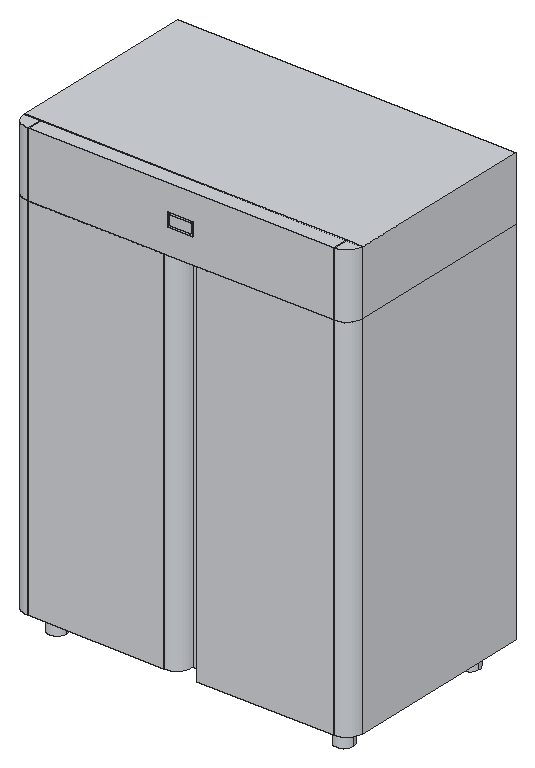
Revit family "Холодильные шкафы с металлическими дверьми", category Оборудование, Revit 2020
Family settings
  Размер круглого соединителя = Использовать диаметр
  Классификация = Нет
  Тип детали = Нормальный
  На основе рабочей плоскости = Нет
  Всегда вертикально = Да
  При загрузке вырезать с полостями = Нет
  Общий = Нет
  Точка расчета площади = Нет
Parameters (values of type "CB114-Sm")
  Панель Sm = yes
  Ширина = 1474 mm
  Цена, руб. = "101 900"
  Холодильный шкаф = none
  Тип охлаждения = "динамический"
  Условия окр. среды (темп./влажн.) = "до +40/до 80"
  Тип оттайки = "авт., при помощи ТЭНов, с системой исп. конденсата"
  Терморегулятор = "эл. блок"
  Система электропитания, В/Гц = "230/50"
  Размер полки, мм = "530х650"
  Расход электроэнергии за сутки, кВт/ч = "20.5"
  Расположение агрегата = "верхнее"
  Размеры в упаковке, мм = "1550x988x2160"
  Хладагент = "R404А"
  Потребляемая мощность, Вт = "800/1200"
  Подсветка = "+"
  Педаль = "+"
  Панель S = no
  Отметка по умолчанию = 0 mm
  Объем, л = "1400"
  Колесные опоры = "опция"
  Кол-во полок = "4"
  Микропереключатель = "клавишный"
  Материал обшивок корпуса = "сталь с полимерным покрытием"
  Корпус = "цельнозаливной"
  Клапан Шредера = "+"
  Замок = "+"
  Допустимая нагрузка на полку, кг = "40"
  Диап. рабочих темп. = "не выше -18"
  Глубина = 960 mm
  Габаритные размеры, мм = "1474*960*1996"
  Высота = 1996 mm
  Вес нетто/брутто, кг = "212/242"
  2 дверь Sm (шир) = yes
  2 дверь Sm = no
  2 дверь S = no
  2  дверь S (шир) = no
  1 дверь Sm (шир) = yes
  1 дверь Sm = no
  1 дверь S (шир) = no
  1 дверь S = no
Types (24, lengths in mm): name | Панель Sm | Ширина | Цена, руб. | Тип оттайки | Размер полки, мм | Расход электроэнергии за сутки, кВт/ч | Размеры в упаковке, мм | Хладагент | Потребляемая мощность, Вт | Педаль | Панель S | Объем, л | Кол-во полок | Микропереключатель | Материал обшивок корпуса | Корпус | Диап. рабочих темп. | Глубина | Габаритные размеры, мм | Высота | Вес нетто/брутто, кг | 2 дверь Sm (шир) | 2 дверь Sm | 2 дверь S | 2  дверь S (шир) | 1 дверь Sm (шир) | 1 дверь Sm | 1 дверь S (шир) | 1 дверь S
  (no name) | yes | 1474 | "101 900" | "авт., при помощи ТЭНов, с системой исп. конденсата" | "530х650" | "20.5" | "1550x988x2160" | "R404А" | "800/1200" | "+" | no | "1400" | "4" | "клавишный" | "сталь с полимерным покрытием" | "цельнозаливной" | "не выше -18" | 960 | "1474*960*1996" | 1996 | "212/242" | yes | no | no | no | yes | no | no | no
  CM105-Sm | yes | 697 | "47 000" | "авт. с системой исп. конденсата" | "595х455" | "3,5" | "790x744x2125" | "R134a" | "350" | "+" | no | "500" | "4" | "клавишный" | "сталь с полимерным покрытием" | "цельнозаливной" | "0....+6" | 695 | "697*695*1960" | 1960 | "95/114" | no | no | no | no | no | yes | no | no
  CM107-Sm | yes | 697 | "50 500" | "авт. с системой исп. конденсата" | "530х650" | "3,5" | "790x988x2125" | "R134a" | "350" | "+" | no | "700" | "4" | "клавишный" | "сталь с полимерным покрытием" | "цельнозаливной" | "0....+6" | 925 | "697*925*1960" | 1960 | "112/137" | no | no | no | no | no | yes | no | no
  CV105-Sm | yes | 697 | "58 580" | "авт., при помощи ТЭНов, с системой исп. конденсата" | "595х455" | "4" | "790x744x2125" | "R134a" | "400" | "+" | no | "500" | "4" | "клавишный" | "сталь с полимерным покрытием" | "цельнозаливной" | "-5....+5" | 695 | "697*695*1960" | 1960 | "95/114" | no | no | no | no | no | yes | no | no
  CV107-Sm | yes | 697 | "62 620" | "авт., при помощи ТЭНов, с системой исп. конденсата" | "530х650" | "4,5" | "790x988x2125" | "R134a" | "400" | "+" | no | "700" | "4" | "клавишный" | "сталь с полимерным покрытием" | "цельнозаливной" | "-5....+5" | 925 | "697*925*1960" | 1960 | "112/137" | no | no | no | no | no | yes | no | no
  CB105-Sm | yes | 697 | "65 650" | "авт., при помощи ТЭНов, с системой исп. конденсата" | "595х455" | "12" | "790x988x2125" | "R404А" | "550/400" | "+" | no | "500" | "4" | "клавишный" | "сталь с полимерным покрытием" | "цельнозаливной" | "не выше -18" | 695 | "697*695*1960" | 1960 | "125/149" | no | no | no | no | no | yes | no | no
  CB107-Sm | yes | 735 | "72 270" | "авт., при помощи ТЭНов, с системой исп. конденсата" | "530х650" | "12" | "790x988x2125" | "R404А" | "550/400" | "+" | no | "700" | "4" | "клавишный" | "сталь с полимерным покрытием" | "цельнозаливной" | "не выше -18" | 960 | "735*960*1996" | 1996 | "125/149" | no | no | no | no | yes | no | no | no
  CM110-Sm | yes | 1402 | "65 600" | "авт. с системой исп. конденсата" | "595х455" | "5.5" | "1490x744x2125" | "R134a" | "550" | "+" | no | "1000" | "8" | "клавишный" | "сталь с полимерным покрытием" | "цельнозаливной" | "0....+6" | 695 | "1402*695*1960" | 1960 | "155/182" | no | yes | no | no | no | yes | no | no
  CM114-Sm | yes | 1402 | "71 700" | "авт. с системой исп. конденсата" | "530х650" | "6" | "1490x988x2125" | "R134a" | "550" | "+" | no | "1400" | "8" | "клавишный" | "сталь с полимерным покрытием" | "цельнозаливной" | "0....+6" | 925 | "1402*925*1960" | 1960 | "184/214" | no | yes | no | no | no | yes | no | no
  CV110-Sm | yes | 1402 | "76 600" | "авт., при помощи ТЭНов, с системой исп. конденсата" | "595х455" | "6" | "1490x988x2125" | "R134a" | "630" | "+" | no | "1000" | "8" | "клавишный" | "сталь с полимерным покрытием" | "цельнозаливной" | "-5....+5" | 695 | "1402*695*1960" | 1960 | "155/182" | no | yes | no | no | no | yes | no | no
  CV114-Sm | yes | 1402 | "84 990" | "авт., при помощи ТЭНов, с системой исп. конденсата" | "530х650" | "6.5" | "1490x988x2125" | "R134a" | "630" | "+" | no | "1400" | "8" | "клавишный" | "сталь с полимерным покрытием" | "цельнозаливной" | "-5....+5" | 925 | "1402*925*1960" | 1960 | "184/214" | no | yes | no | no | no | yes | no | no
  CM105-S | no | 697 | "41 400" | "авт., при помощи ТЭНов, с системой исп. конденсата" | "595х455" | "3,5" | "790x744x2125" | "R134a" | "350" | "+" | yes | "500" | "4" | "-" | "-" | "-" | "0....+6" | 695 | "697*695*1960" | 1960 | "95/114" | no | no | no | no | no | no | no | yes
  CM107-S | no | 697 | "45 000" | "авт. с системой исп. конденсата" | "530х650" | "4" | "790x988x2125" | "R134a" | "350" | "-" | yes | "700" | "4" | "-" | "-" | "цельнозаливной" | "0....+6" | 925 | "697*925*1960" | 1960 | "112/137" | no | no | no | no | no | no | no | yes
  CM110-S | no | 1402 | "65 600" | "авт. с системой исп. конденсата" | "595х455" | "5.5" | "1490x744x2125" | "R134a" | "550" | "+" | yes | "1000" | "8" | "клавишный" | "сталь с полимерным покрытием" | "цельнозаливной" | "0....+6" | 695 | "1402*695*1960" | 1960 | "155/182" | no | no | yes | no | no | no | no | yes
  CB114-Sm | yes | 1474 | "101 900" | "авт., при помощи ТЭНов, с системой исп. конденсата" | "530х650" | "20.5" | "1550x988x2160" | "R404А" | "800/1200" | "+" | no | "1400" | "4" | "клавишный" | "сталь с полимерным покрытием" | "цельнозаливной" | "не выше -18" | 960 | "1474*960*1996" | 1996 | "212/242" | yes | no | no | no | yes | no | no | no
  CB107-S | no | 735 | "62 800" | "авт., при помощи ТЭНов, с системой исп. конденсата" | "530х650" | "12" | "850x988x2160" | "R134a" | "550/400" | "-" | yes | "700" | "4" | "-" | "-" | "цельнозаливной" | "не выше -18" | 960 | "735*960*1996" | 1996 | "125/149" | no | no | no | no | no | no | yes | no
  CV105-S | no | 697 | "52 200" | "авт. с системой исп. конденсата" | "595х455" | "4" | "790x744x2125" | "R134a" | "400" | "+" | yes | "500" | "4" | "клавишный" | "сталь с полимерным покрытием" | "цельнозаливной" | "-5....+5" | 695 | "697*695*1960" | 1960 | "96/115" | no | no | no | no | no | no | no | yes
  CV107-S | no | 697 | "56 000" | "авт., при помощи ТЭНов, с системой исп. конденсата" | "530х650" | "4,5" | "790x988x2125" | "R134a" | "400" | "+" | yes | "700" | "4" | "клавишный" | "сталь с полимерным покрытием" | "цельнозаливной" | "-5....+5" | 925 | "697*925*1960" | 1960 | "113/138" | no | no | no | no | no | no | no | yes
  CV110-S | no | 1402 | "68 800" | "авт., при помощи ТЭНов, с системой исп. конденсата" | "595х455" | "6" | "1490x988x2125" | "R134a" | "630" | "+" | yes | "1000" | "8" | "клавишный" | "сталь с полимерным покрытием" | "цельнозаливной" | "-5....+5" | 695 | "1402*695*1960" | 1960 | "155/184" | no | no | yes | no | no | no | no | yes
  CV114-S | no | 1402 | "75 200" | "авт. с системой исп. конденсата" | "530х650" | "6.5" | "1490x988x2125" | "R134a" | "630" | "+" | yes | "1400" | "8" | "клавишный" | "сталь с полимерным покрытием" | "цельнозаливной" | "-5....+5" | 925 | "1402*925*1960" | 1960 | "184/214" | no | no | yes | no | no | no | no | yes
  CB114-S | no | 1474 | "90 900" | "авт., при помощи ТЭНов, с системой исп. конденсата" | "530х650" | "20.5" | "1550x988x2160" | "R404А" | "800/1200" | "+" | yes | "1400" | "4" | "клавишный" | "сталь с полимерным покрытием" | "цельнозаливной" | "не выше -18" | 960 | "1474*960*1996" | 1996 | "212/242" | no | no | no | yes | no | no | yes | no
  СС214-S | no | 1402 | "94 400" | "авт., при помощи ТЭНов (в низкотемпературном отделении) с системой исп. конденсата" | "530х650" | "14,5" | "1490x988x2125" | "R134a" | "900" | "+" | yes | "700+700" | "8" | "клавишный" | "сталь с полимерным покрытием" | "цельнозаливной" | "0....+6/не выше -18" | 925 | "1402*925*1960" | 1960 | "214/244" | no | no | yes | no | no | no | no | yes
  CM114-S | no | 1402 | "63 990" | "авт. с системой исп. конденсата" | "530х650" | "6" | "1490x988x2125" | "R134a" | "550" | "+" | yes | "1400" | "8" | "клавишный" | "сталь с полимерным покрытием" | "цельнозаливной" | "0....+6" | 925 | "1402*925*1960" | 1960 | "184/214" | no | no | yes | no | no | no | no | yes
  CB105-S | no | 697 | "56 300" | "авт., при помощи ТЭНов, с системой исп. конденсата" | "595х455" | "12" | "790x744x2125" | "R404А" | "550/400" | "+" | yes | "500" | "4" | "клавишный" | "сталь с полимерным покрытием" | "цельнозаливной" | "не выше -18" | 695 | "697*695*1960" | 1960 | "102/121" | no | no | no | no | no | no | no | yes
Reference planes
  plane 1 "По центру (Вперед/Назад)": y = 0
  plane 2: z = 0
  plane 3 "По центру (Влево/Вправо)": x = 0
  plane 4: x = -737
  plane 5: x = 737
  plane 6: y = -960
  plane 7: y = -890
  plane 8: x = 110
  plane 9: x = 667
  plane 10: z = 1996
  plane 11: x = 40
  plane 12: z = 92
  plane 13: z = 1714
  plane 14: y = -55
  plane 15: x = -667
  plane 16: x = -627
  plane 17: x = 627
  plane 18: y = -850
  plane 19: y = -165
  plane 20: x = -55
  plane 21: x = 55
  plane 22: z = 1885
  plane 23: z = 1825
  plane 24: x = -75
  plane 25: x = 75
  plane 26: z = 1805
  plane 27: z = 1905
  plane 28: z = 1855
  plane 29: x = 187
  plane 30: x = 687
  plane 31: z = 921
  plane 32: z = 885
  plane 33: x = 737
  plane 34: x = 2
  plane 35: x = -2
  plane 36: x = -737
  plane 37: z = 885
  plane 38: x = 737
  plane 39: z = 885
  plane 40: x = -737
Forms (mm)
  Extrusion 1, solid, material <- "Холодильный шкаф", visible <- "1 дверь Sm"
    sketch origin (0, 0, 0) x (1, 0, 0) y (0, 1, 0)
      loop
        line (110, -890) -> (110, -960) -> (667, -960) -> (667, -890) -> (110, -890)
    from 92 to 1714
  Extrusion 2, solid, material <- "Холодильный шкаф"
    sketch origin (0, 0, 0) x (1, 0, 0) y (0, 1, 0)
      loop
        line (-737, -55) -> (-737, -890) -> (737, -890) -> (737, -55) -> (-737, -55)
    from 92 to 1714
  Extrusion 3, solid, material <- "Холодильный шкаф", visible <- "Панель Sm"
    sketch origin (0, 0, 0) x (1, 0, 0) y (0, 1, 0)
      loop
        line (-667, -890) -> (-667, -960) -> (667, -960) -> (667, -890) -> (-667, -890)
    from 1714 to 1996
  Extrusion 4, solid, material <- "Холодильный шкаф", visible <- "Панель Sm"
    sketch origin (0, 0, 0) x (1, 0, 0) y (0, 1, 0)
      loop
        arc (-737, -890) -> (-716.497, -939.497) -> (-667, -960) r 70
        line (-667, -960) -> (-667, -890) -> (-737, -890)
    from 1714 to 1996
  Extrusion 5, solid, material <- "Холодильный шкаф", visible <- "Панель Sm"
    sketch origin (0, 0, 0) x (1, 0, 0) y (0, 1, 0)
      loop
        line (667, -890) -> (667, -960)
        arc (667, -960) -> (716.497, -939.497) -> (737, -890) r 70
        line (737, -890) -> (667, -890)
    from 1714 to 1996
  Extrusion 6, solid, material <- "Холодильный шкаф", visible <- "1 дверь Sm"
    sketch origin (0, 0, 0) x (1, 0, 0) y (0, 1, 0)
      loop
        line (667, -890) -> (667, -960)
        arc (667, -960) -> (716.497, -939.497) -> (737, -890) r 70
        line (737, -890) -> (667, -890)
    from 92 to 1714
  Extrusion 7, solid, material <- "Холодильный шкаф", visible <- "1 дверь Sm"
    sketch origin (800, 0, 0) x (1, 0, 0) y (0, 1, 0)
      loop
        arc (-760, -890) -> (-739.497, -939.497) -> (-690, -960) r 70
        line (-690, -960) -> (-690, -890) -> (-760, -890)
    from 92 to 1714
  Extrusion 8, solid, material <- "Холодильный шкаф"
    sketch origin (0, 0, 0) x (1, 0, 0) y (0, 1, 0)
      loop
        circle (-627, -165) r 40
    from 0 to 92
  Extrusion 9, solid, material <- "Холодильный шкаф"
    sketch origin (0, 0, 0) x (1, 0, 0) y (0, 1, 0)
      loop
        circle (-627, -850) r 40
    from 0 to 92
  Extrusion 10, solid, material <- "Холодильный шкаф"
    sketch origin (0, 0, 0) x (1, 0, 0) y (0, 1, 0)
      loop
        circle (627, -165) r 40
    from 0 to 92
  Extrusion 11, solid, material <- "Холодильный шкаф"
    sketch origin (0, 0, 0) x (1, 0, 0) y (0, 1, 0)
      loop
        circle (627, -850) r 40
    from 0 to 92
  Extrusion 12, solid, visible <- "Панель Sm", detail levels fine
    sketch origin (0, 0, 0) x (1, 0, 0) y (0, 0, 1)
      loop
        line (-55, 1885) -> (-55, 1825) -> (55, 1825) -> (55, 1885) -> (-55, 1885)
    from 960 to 961.447
  Extrusion 13, solid, material <- "Холодильный шкаф"
    sketch origin (1.462, 0, 0) x (1, 0, 0) y (0, 1, 0)
      loop
        line (185.538, 0) -> (185.538, -55) -> (685.538, -55) -> (685.538, 0) -> (185.538, 0)
    from 1214.132 to 1714
  Extrusion 14, void, detail levels fine
    sketch origin (0, 0, 5.622) x (1, 0, 0) y (0, 0, 1)
      loop
        line (-50, 1874.378) -> (-50, 1824.378) -> (50, 1824.378) -> (50, 1874.378) -> (-50, 1874.378)
    from 961.447 to 960
  Extrusion 15, solid, material <- "Холодильный шкаф"
    sketch origin (0, 0, 0) x (1, 0, 0) y (0, 1, 0)
      loop
        line (-737, -55) -> (-737, -890) -> (737, -890) -> (737, -55) -> (-737, -55)
    from 1714 to 1996
  Extrusion 16, solid, material <- "Холодильный шкаф", visible <- "2 дверь Sm"
    sketch origin (-705, 0, 0) x (1, 0, 0) y (0, 1, 0)
      loop
        line (38, -890) -> (38, -960) -> (631, -960) -> (631, -890) -> (38, -890)
    from 92 to 1678
  Extrusion 17, solid, material <- "Холодильный шкаф", visible <- "2 дверь Sm"
    sketch origin (-705, 0, 0) x (1, 0, 0) y (0, 1, 0)
      loop
        line (631, -890) -> (631, -960)
        arc (631, -960) -> (680.497, -939.497) -> (701, -890) r 70
        line (701, -890) -> (631, -890)
    from 92 to 1678
  Extrusion 18, solid, material <- "Холодильный шкаф", visible <- "Панель S"
    sketch origin (0, 0, 0) x (0, 1, 0) y (0, 0, 1)
      loop
        line (-960, 1996) -> (-960, 1936) -> (-930, 1936) -> (-930, 1774) -> (-960, 1774) -> (-960, 1714) -> (-890, 1714) -> (-890, 1996) -> (-960, 1996)
    from -737 to 737
  Extrusion 19, solid, material <- "Холодильный шкаф", visible <- "Панель S", detail levels fine
    sketch origin (-1.686, 0, 0) x (1, 0, 0) y (0, 0, 1)
      loop
        line (428.686, 1885) -> (428.686, 1815) -> (698.686, 1815) -> (698.686, 1885) -> (428.686, 1885)
    from 930 to 932.19
  Extrusion 20, solid, material <- "Холодильный шкаф", visible <- "1 дверь S"
    sketch origin (0, 0, 0) x (1, 0, 0) y (0, 0, 1)
      loop
        line (737, 1714) -> (36, 1714) -> (36, 92) -> (737, 92) -> (737, 1714)
    from 890 to 960
  Extrusion 21, solid, material <- "Холодильный шкаф", visible <- "1 дверь S", detail levels medium+fine
    sketch origin (0, 0, 0) x (1, 0, 0) y (0, 0, 1)
      loop
        line (36, 1171) -> (36, 671) -> (81, 671) -> (81, 1171) -> (36, 1171)
    from 960 to 989.587
  Extrusion 22, solid, visible <- "2 дверь S"
    sketch origin (0, 0, 0) x (-1, 0, 0) y (0, 0, -1)
      loop
        line (737, -1714) -> (737, -92) -> (0, -92) -> (0, -1714) -> (737, -1714)
    from 890 to 960
  Extrusion 23, solid, material <- "Холодильный шкаф", visible <- "2 дверь S", detail levels medium+fine
    sketch origin (0, 0, 0) x (-1, 0, 0) y (0, 0, -1)
      loop
        line (0, -1135) -> (45, -1135) -> (45, -635) -> (0, -635) -> (0, -1135)
    from 960 to 989.587
  Extrusion 24, solid, material <- "Холодильный шкаф", visible <- "2 дверь Sm (шир)"
    sketch origin (-1453, 0, 0) x (1, 0, 0) y (0, 1, 0)
      loop
        line (786, -890) -> (786, -960) -> (1381, -960) -> (1381, -890) -> (786, -890)
    from 92 to 1714
  Extrusion 25, solid, material <- "Холодильный шкаф", visible <- "2 дверь Sm (шир)"
    sketch origin (-489.5, 0, 0) x (1, 0, 0) y (0, 1, 0)
      loop
        line (417.5, -890) -> (417.5, -960)
        arc (417.5, -960) -> (466.997, -939.497) -> (487.5, -890) r 70
        line (487.5, -890) -> (417.5, -890)
    from 92 to 1714
  Extrusion 26, solid, material <- "Холодильный шкаф", visible <- "2 дверь Sm (шир)"
    sketch origin (-527.5, 0, 0) x (1, 0, 0) y (0, 1, 0)
      loop
        arc (-209.5, -890) -> (-188.997, -939.497) -> (-139.5, -960) r 70
        line (-139.5, -960) -> (-139.5, -890) -> (-209.5, -890)
    from 92 to 1714
  Extrusion 27, solid, material <- "Холодильный шкаф", visible <- "1 дверь S (шир)"
    sketch origin (900, 0, 0) x (1, 0, 0) y (0, 0, 1)
      loop
        line (-163, 1714) -> (-898, 1714) -> (-898, 92) -> (-163, 92) -> (-163, 1714)
    from 890 to 960
  Extrusion 28, solid, material <- "Холодильный шкаф", visible <- "1 дверь S (шир)", detail levels medium+fine
    sketch origin (900, 0, 0) x (1, 0, 0) y (0, 0, 1)
      loop
        line (-898, 1135) -> (-898, 635) -> (-853, 635) -> (-853, 1135) -> (-898, 1135)
    from 960 to 989.587
  Extrusion 29, solid, visible <- "2  дверь S (шир)"
    sketch origin (-900, 0, 0) x (-1, 0, 0) y (0, 0, -1)
      loop
        line (-163, -1714) -> (-163, -92) -> (-898, -92) -> (-898, -1714) -> (-163, -1714)
    from 890 to 960
  Extrusion 30, solid, material <- "Холодильный шкаф", visible <- "2  дверь S (шир)", detail levels medium+fine
    sketch origin (-900, 0, 0) x (-1, 0, 0) y (0, 0, -1)
      loop
        line (-898, -1135) -> (-853, -1135) -> (-853, -635) -> (-898, -635) -> (-898, -1135)
    from 960 to 989.587
  Extrusion 31, solid, material <- "Холодильный шкаф", visible <- "2 дверь Sm"
    sketch origin (-253.053, 0, 0) x (1, 0, 0) y (0, 1, 0)
      loop
        arc (-483.947, -890) -> (-463.445, -939.497) -> (-413.947, -960) r 70
        line (-413.947, -960) -> (-413.947, -890) -> (-483.947, -890)
    from 92 to 1678
  Extrusion 32, solid, material <- "Холодильный шкаф", visible <- "1 дверь Sm (шир)"
    sketch origin (-834, 0, 0) x (1, 0, 0) y (0, 1, 0)
      loop
        line (906, -890) -> (906, -960) -> (1501, -960) -> (1501, -890) -> (906, -890)
    from 92 to 1714
  Extrusion 33, solid, material <- "Холодильный шкаф", visible <- "1 дверь Sm (шир)"
    sketch origin (249.5, 0, 0) x (1, 0, 0) y (0, 1, 0)
      loop
        line (417.5, -890) -> (417.5, -960)
        arc (417.5, -960) -> (466.997, -939.497) -> (487.5, -890) r 70
        line (487.5, -890) -> (417.5, -890)
    from 92 to 1714
  Extrusion 34, solid, material <- "Холодильный шкаф", visible <- "1 дверь Sm (шир)"
    sketch origin (91.5, 0, 0) x (1, 0, 0) y (0, 1, 0)
      loop
        arc (535.5, -890) -> (372.944, -497.556) -> (-19.5, -335) r 555
        line (-19.5, -335) -> (-19.5, -890) -> (535.5, -890)
    from 92 to 1714
Cuts and joins
  Extrusion 14 cuts Extrusion 12
Dimensions and locks
  "Глубина": plane 6 to plane 1 "По центру (Вперед/Назад)"
  "Ширина": plane 4 to plane 5
  equal spacing: plane 4, plane 3 "По центру (Влево/Вправо)", plane 5
  locked: plane 7 to plane 6 at 70
  "Высота": plane 10 to plane 2
  plane 9 to plane 5 = 70 mm  (x2)
  locked: plane 11 to plane 8 at 70
  locked: plane 8 to plane 9 at 557
  plane 14 to plane 6 = 905 mm
  locked: plane 1 "По центру (Вперед/Назад)" to plane 14 at 55
  locked: plane 4 to plane 15 at 70
  locked: plane 16 to plane 4 at 110
  locked: plane 5 to plane 17 at 110
  locked: plane 14 to plane 19 at 110
  locked: plane 18 to plane 7 at 40
  locked: plane 12 to plane 2 at 92
  plane 13 to plane 12 = 1622 mm
  locked: plane 10 to plane 13 at 282
  locked: plane 21 to plane 20 at 110
  equal spacing: plane 21, plane 3 "По центру (Влево/Вправо)", plane 20
  locked: plane 22 to plane 23 at 60
  locked: plane 23 to plane 13 at 111
  locked: Extrusion 12 to Extrusion 12 at 1.447
  equal spacing: plane 25, plane 3 "По центру (Влево/Вправо)", plane 24
  equal spacing: plane 10, plane 28, plane 13
  locked: plane 27 to plane 28 at 50
  locked: plane 28 to plane 26 at 50
  locked: plane 13 to Extrusion 13 at 499.868
  locked: Extrusion 12 to Extrusion 14 at 5  (x3)
  locked: Extrusion 14 to Extrusion 12 at 5
  locked: plane 30 to plane 5 at 50
  locked: plane 29 to plane 30 at 500
  locked: Extrusion 18 to Extrusion 18 at 30
  Extrusion 5 to Extrusion 18 to Extrusion 18 to plane 13 = 60 mm locked, 162 mm locked, 60 mm locked
  Extrusion 19 to Extrusion 19 to plane 5 = 270 mm locked, 40 mm locked
  locked: Extrusion 19 to Extrusion 18 at 2.19
  locked: plane 5 to Extrusion 20 at 701
  plane 13 to plane 31 to plane 12 = 793 mm, 829 mm
  equal spacing: Extrusion 21 sketch curve, plane 31, Extrusion 21 sketch curve, locked at 250 each
  locked: plane 6 to Extrusion 21 at 29.587
  equal spacing: Extrusion 23 sketch curve, plane 32, Extrusion 23 sketch curve, locked at 250 each
  locked: Extrusion 21 to Extrusion 21 at 45
  locked: Extrusion 23 to Extrusion 23 at 45
  locked: plane 33 to plane 34 at 735
  plane 33 to plane 34 = 735 mm
  locked: plane 35 to plane 36 at 735
  plane 35 to Extrusion 25 to Extrusion 26 to plane 36 = 70 mm locked, 595 mm, 70 mm locked
  equal spacing: Extrusion 28 sketch curve, plane 37, Extrusion 28 sketch curve, locked at 250 each
  locked: Extrusion 28 to Extrusion 28 at 45  (x2)
  locked: Extrusion 27 to Extrusion 27 at 735
  equal spacing: Extrusion 30 sketch curve, plane 39, Extrusion 30 sketch curve, locked at 250 each
  locked: Extrusion 30 to Extrusion 30 at 45  (x2)
  locked: Extrusion 29 to Extrusion 29 at 735
  locked: Extrusion 29 to Extrusion 29 at 70
  locked: Extrusion 27 to Extrusion 27 at 70
  locked: Extrusion 28 to Extrusion 27 at 29.587
  locked: Extrusion 30 to Extrusion 30 at 29.587
  locked: Extrusion 22 to Extrusion 22 at 70
  locked: Extrusion 23 to Extrusion 23 at 29.587
  locked: Extrusion 7 to Extrusion 7 at 70
  locked: Extrusion 34 to Extrusion 33 at 595
  Extrusion 34 to Extrusion 34 = 555 mm
  locked: Extrusion 33 to Extrusion 33 at 70
  radius of Extrusion 11 sketch curve = 40 mm
  aligned and locked: level to plane 2
  aligned and locked: plane 6 to Extrusion 1 sketch curve
  aligned and locked: Extrusion 1 sketch curve to plane 9
  aligned and locked: Extrusion 1 to plane 8
  aligned and locked: Extrusion 2 sketch curve to plane 14
  aligned and locked: Extrusion 2 sketch curve to plane 4
  aligned and locked: plane 7 to Extrusion 2 sketch curve
  aligned and locked: Extrusion 2 sketch curve to plane 5
  aligned and locked: Extrusion 2 to plane 12
  aligned and locked: plane 13 to Extrusion 1
  aligned and locked: Extrusion 3 sketch curve to plane 7
  aligned and locked: plane 15 to Extrusion 3 sketch curve
  aligned and locked: Extrusion 3 sketch curve to Extrusion 1  (x2)
  aligned and locked: plane 10 to Extrusion 3
  aligned and locked: Extrusion 3 to plane 13
  aligned and locked: plane 10 to Extrusion 4
  aligned and locked: Extrusion 4 to plane 13
  aligned and locked: plane 9 to Extrusion 5 sketch curve
  aligned and locked: Extrusion 5 sketch curve to plane 7
  aligned and locked: plane 10 to Extrusion 5
  aligned and locked: plane 9 to Extrusion 6 sketch curve
  aligned and locked: Extrusion 6 sketch curve to plane 7
  aligned and locked: plane 13 to Extrusion 6
  aligned and locked: Extrusion 6 to plane 12
  aligned and locked: Extrusion 4 sketch curve to plane 7
  aligned and locked: Extrusion 4 sketch curve to plane 15
  aligned and locked: Extrusion 7 sketch curve to plane 7
  aligned and locked: Extrusion 7 to plane 12
  aligned and locked: plane 13 to Extrusion 7
  aligned and locked: plane 12 to Extrusion 9
  aligned and locked: Extrusion 9 to plane 2
  aligned and locked: plane 12 to Extrusion 8
  aligned and locked: plane 12 to Extrusion 11
  aligned and locked: plane 12 to Extrusion 10
  aligned and locked: Extrusion 11 to plane 2
  aligned and locked: Extrusion 10 to plane 2
  aligned and locked: Extrusion 5 to plane 10
  aligned and locked: Extrusion 5 to plane 13
  aligned and locked: Extrusion 12 sketch curve to plane 22
  aligned and locked: plane 20 to Extrusion 12 sketch curve
  aligned and locked: plane 23 to Extrusion 12 sketch curve
  aligned and locked: Extrusion 12 sketch curve to plane 21
  aligned and locked: plane 6 to Extrusion 12
  aligned and locked: plane 1 "По центру (Вперед/Назад)" to Extrusion 13 sketch curve
  aligned and locked: plane 14 to Extrusion 13 sketch curve
  aligned and locked: Extrusion 1 to Extrusion 13
  aligned and locked: Extrusion 1 to Extrusion 2
  aligned and locked: plane 10 to Extrusion 15
  aligned and locked: Extrusion 15 to Extrusion 1
  aligned and locked: plane 6 to Extrusion 14
  aligned and locked: Extrusion 12 to Extrusion 14
  aligned and locked: plane 29 to Extrusion 13
  aligned and locked: plane 30 to Extrusion 13
  aligned and locked: Extrusion 18 sketch curve to plane 10
  aligned and locked: Extrusion 18 sketch curve to plane 7
  aligned and locked: plane 13 to Extrusion 18 sketch curve
  aligned and locked: Extrusion 18 sketch curve to plane 6
  aligned and locked: plane 6 to Extrusion 18 sketch curve
  aligned and locked: plane 5 to Extrusion 18
  aligned and locked: Extrusion 19 to Extrusion 18
  aligned and locked: plane 5 to Extrusion 20 sketch curve
  aligned and locked: Extrusion 20 sketch curve to plane 12
  aligned and locked: plane 13 to Extrusion 20 sketch curve
  aligned and locked: Extrusion 20 to plane 6
  aligned and locked: plane 7 to Extrusion 20
  aligned and locked: Extrusion 18 to plane 4
  aligned and locked: Extrusion 21 sketch curve to Extrusion 20
  aligned and locked: plane 6 to Extrusion 21
  aligned and locked: Extrusion 22 to Extrusion 23 sketch curve
  aligned and locked: Extrusion 24 to Extrusion 26
  aligned and locked: plane 35 to Extrusion 25
  aligned and locked: plane 36 to Extrusion 26
  aligned and locked: Extrusion 26 to Extrusion 24
  aligned and locked: Extrusion 24 to Extrusion 25
  aligned and locked: plane 5 to plane 33
  aligned and locked: plane 13 to Extrusion 24
  aligned and locked: plane 13 to Extrusion 25
  aligned and locked: plane 13 to Extrusion 26
  aligned and locked: plane 4 to plane 36
  aligned and locked: Extrusion 28 sketch curve to Extrusion 27
  aligned and locked: plane 38 to Extrusion 27
  aligned and locked: plane 13 to Extrusion 27
  aligned and locked: Extrusion 29 to Extrusion 30 sketch curve
  aligned and locked: Extrusion 29 to plane 40
  aligned and locked: plane 13 to Extrusion 29
  aligned and locked: plane 5 to plane 38
  aligned and locked: Extrusion 30 to Extrusion 29
  aligned and locked: plane 7 to Extrusion 29
  aligned and locked: Extrusion 28 to Extrusion 27
  aligned and locked: plane 7 to Extrusion 27
  aligned and locked: Extrusion 23 to Extrusion 22
  aligned and locked: plane 7 to Extrusion 22
  aligned and locked: Extrusion 24 to Extrusion 16
  aligned and locked: Extrusion 24 to plane 15
  aligned and locked: plane 8 to Extrusion 7
  aligned and locked: Extrusion 15 to plane 4
  aligned and locked: Extrusion 32 to Extrusion 34
  aligned and locked: Extrusion 34 to Extrusion 32  (x2)
  aligned and locked: Extrusion 32 to Extrusion 33  (x2)
  aligned and locked: plane 3 "По центру (Влево/Вправо)" to Extrusion 22
Automatic sketch dimensions
  Extrusion 1 sketch curve to plane 8 = 0 mm
  Extrusion 1 sketch curve to plane 7 = 0 mm
  Extrusion 4 sketch curve to plane 4 = 0 mm
  Extrusion 5 sketch curve to plane 5 = 0 mm
  Extrusion 6 sketch curve to plane 5 = 0 mm
  Extrusion 7 sketch curve to plane 11 = 0 mm
  Extrusion 7 sketch curve to plane 6 = 0 mm
  Extrusion 8 sketch curve to plane 16 = 0 mm
  Extrusion 8 sketch curve to plane 19 = 0 mm
  Extrusion 9 sketch curve to plane 16 = 0 mm
  Extrusion 9 sketch curve to plane 18 = 0 mm
  Extrusion 10 sketch curve to plane 17 = 0 mm
  Extrusion 10 sketch curve to plane 19 = 0 mm
  Extrusion 11 sketch curve to plane 17 = 0 mm
  Extrusion 11 sketch curve to plane 18 = 0 mm
  Extrusion 13 sketch curve to plane 29 = 0 mm
  Extrusion 13 sketch curve to plane 30 = 0 mm
  plane 20 to Extrusion 14 sketch curve = 5 mm
  Extrusion 14 sketch curve to plane 21 = 5 mm
  plane 23 to Extrusion 14 sketch curve = 5 mm
  Extrusion 14 sketch curve to plane 22 = 5 mm
  Extrusion 15 sketch curve to plane 4 = 0 mm
  Extrusion 15 sketch curve to plane 5 = 0 mm
  Extrusion 15 sketch curve to plane 7 = 0 mm
  Extrusion 15 sketch curve to plane 14 = 0 mm
  Extrusion 16 sketch curve to plane 6 = 0 mm
  Extrusion 16 sketch curve to plane 15 = 0 mm
  Extrusion 16 sketch curve to plane 7 = 0 mm
  plane 24 to Extrusion 16 sketch curve = 1 mm
  Extrusion 17 sketch curve to plane 6 = 0 mm
  Extrusion 17 sketch curve to plane 7 = 0 mm
  plane 24 to Extrusion 17 sketch curve = 1 mm
  Extrusion 18 sketch curve to Extrusion 18 sketch curve = 30 mm
  Extrusion 18 sketch curve to plane 26 = 31 mm
  plane 27 to Extrusion 18 sketch curve = 31 mm
  Extrusion 19 sketch curve to plane 22 = 0 mm
  Extrusion 19 sketch curve to plane 23 = 10 mm
  plane 17 to Extrusion 19 sketch curve = 200 mm
  plane 30 to Extrusion 19 sketch curve = 10 mm
  Extrusion 20 sketch curve to plane 11 = 4 mm
  plane 25 to Extrusion 21 sketch curve = 6 mm
  Extrusion 21 sketch curve to plane 31 = 250 mm
  Extrusion 22 sketch curve to plane 13 = 0 mm
  Extrusion 22 sketch curve to plane 12 = 0 mm
  Extrusion 22 sketch curve to plane 4 = 0 mm
  Extrusion 22 sketch curve to plane 35 = 2 mm
  Extrusion 23 sketch curve to plane 20 = 10 mm
  plane 32 to Extrusion 23 sketch curve = 250 mm
  Extrusion 24 sketch curve to plane 6 = 0 mm
  Extrusion 24 sketch curve to plane 15 = 0 mm
  Extrusion 24 sketch curve to plane 7 = 0 mm
  plane 24 to Extrusion 24 sketch curve = 3 mm
  Extrusion 25 sketch curve to plane 6 = 0 mm
  Extrusion 25 sketch curve to plane 7 = 0 mm
  Extrusion 25 sketch curve to plane 35 = 0 mm
  Extrusion 26 sketch curve to plane 4 = 0 mm
  Extrusion 26 sketch curve to plane 6 = 0 mm
  Extrusion 26 sketch curve to plane 15 = 0 mm
  Extrusion 27 sketch curve to plane 13 = 0 mm
  Extrusion 27 sketch curve to plane 34 = 0 mm
  Extrusion 27 sketch curve to plane 5 = 0 mm
  Extrusion 27 sketch curve to plane 12 = 0 mm
  plane 11 to Extrusion 28 sketch curve = 7 mm
  Extrusion 28 sketch curve to plane 37 = 250 mm
  Extrusion 29 sketch curve to plane 13 = 0 mm
  Extrusion 29 sketch curve to plane 12 = 0 mm
  plane 40 to Extrusion 29 sketch curve = 0 mm
  plane 16 to Extrusion 29 sketch curve = 625 mm
  plane 16 to Extrusion 30 sketch curve = 580 mm
  plane 39 to Extrusion 30 sketch curve = 250 mm
  Extrusion 32 sketch curve to plane 6 = 0 mm
  Extrusion 32 sketch curve to plane 7 = 0 mm
  Extrusion 32 sketch curve to plane 5 = 665 mm
  Extrusion 32 sketch curve to Extrusion 32 sketch curve = 595 mm
  Extrusion 33 sketch curve to plane 6 = 0 mm
  Extrusion 33 sketch curve to plane 7 = 0 mm
  Extrusion 33 sketch curve to plane 5 = 70 mm
  Extrusion 34 sketch curve to plane 7 = 0 mm
  plane 6 to Extrusion 34 sketch curve = 625 mm
  Extrusion 34 sketch curve to plane 5 = 110 mm
  Extrusion 31 sketch curve to plane 4 = 0 mm
  Extrusion 31 sketch curve to plane 15 = 0 mm
  Extrusion 31 sketch curve to plane 7 = 0 mm
  radius of Extrusion 8 sketch curve = 40 mm
  radius of Extrusion 9 sketch curve = 40 mm
  radius of Extrusion 10 sketch curve = 40 mm
Connectors
  electrical at (0, -55, 903)
    settings: on Extrusion 2, index 1, voltage 230 V, apparent load 0 VA, apparent load phase1 0 VA, apparent load phase2 0 VA, apparent load phase3 0 VA, power factor 1, load classification "Прочее", number of poles 1, system type 31, power factor state 1, is connector primary yes, connector utility no, sub classification motor no, connector description ""
